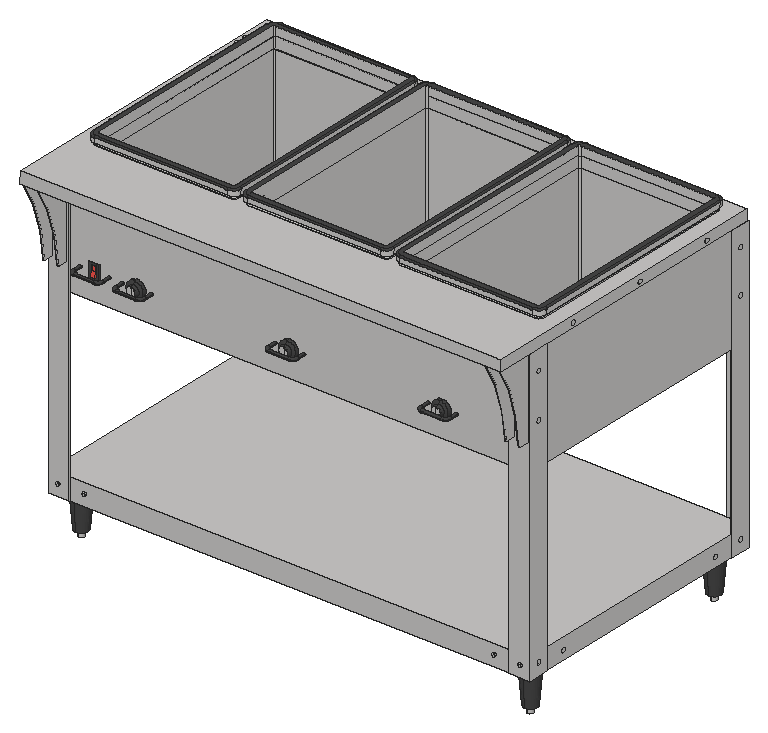
Revit family "QF_VOLLRATH_38203_SERVEWELL_SL_HOT_FOOD_TABLE", category Specialty Equipment, Revit 2022
Family settings
  Round Connector Dimension = Use Diameter
  Part Type = Normal
  Work Plane-Based = No
  Always vertical = Yes
  Cut with Voids When Loaded = No
  Maintain Annotation Orientation = No
  Shared = No
  Room Calculation Point = No
Parameters
  Weight in Pounds = 0
  Watts = 1440 W
  Volts = 120 V
  URL Cutsheet = ""
  Specification by User = ""
  Specification by Manufacturer = ""
  Serial Number = ""
  Seismic Rating = ""
  SMACNA No = ""
  Revision Code = ""
  Phase = 1
  Number of Poles = 1
  NAFEM Spec ID Number = ""
  Model = "38203"
  Min Ckt Ampacity = 0 A
  Max Overcurrent Protection = 0 A
  Masterspec = ""
  Manufacturer = "VOLLRATH"
  Length = 46"
  Item Number = ""
  Installed By = ""
  Identify Quantity as Lot = yes
  Height = 34"
  HP = ""
  Furnished By = ""
  Foodservice Equipment Identifier = yes
  FL Amps = 15 A
  Electrical Remarks = ""
  Electric Connection Type = ""
  Elec Conn RI Height = 0"
  Elec Conn Connection Height = 0"
  Description = "SERVEWELL SL HOT FOOD TABLE"
  Depth = 29 1/2"
  Default Elevation = 0"
  Cycle = 0 Hz
  Conn Plug = "NEMA 5-15P"
  Conn Conduit = yes
  CSI MasterFormat = ""
  Apparent Power = if(Phase = 3, Volts * FL Amps * 1.73, Volts * FL Amps)  # 1800 VA
Reference planes (in)
  plane 1 "BACK": y = 0
  plane 2: z = 0
  plane 3 "LEFT": x = 0
  plane 4 "RIGHT": x = 46
  plane 5 "FRONT": y = -29.5
  plane 6 "TOP": z = 34
  plane 7 "Center Y": x = 23
  plane 8 "Center X": y = -14.75
Dimensions and locks (in)
  equal spacing: plane 3 "LEFT", plane 7 "Center Y", plane 4 "RIGHT"
  "Length": plane 3 "LEFT" to plane 4 "RIGHT"
  equal spacing: plane 5 "FRONT", plane 8 "Center X", plane 1 "BACK"
  "Depth": plane 5 "FRONT" to plane 1 "BACK"
  "Height": plane 6 "TOP" to level
  nested 1 to level = 4"
  plane 4 "RIGHT" to plane 3 "LEFT" = 46"
  aligned and locked: level to plane 2
Nested families (in)
  nested 1: "QF_VOLLRATH_38203" at (0, 0, 0), type "QF_VOLLRATH_38203"
Connectors (in)
  electrical at (4.37729, -23.99392, 21.75393)
    settings: on nested 1, index 1, voltage 120 V, apparent load 0 VA, apparent load phase1 0 VA, apparent load phase2 0 VA, apparent load phase3 0 VA, power factor 1, load classification "Other", number of poles 1, system type 30, power factor state 1, is connector primary yes, connector utility no, sub classification motor no, connector description "ELECTRICAL CONNECTION"
Definition of nested family "QF_VOLLRATH_38203"
  Parameters (values of type "QF_VOLLRATH_38203")
    Weight in Pounds = 0
    Watts = 480 W
    Volts = 120 V
    URL Cutsheet = ""
    Specification by User = ""
    Specification by Manufacturer = ""
    Serial Number = ""
    Seismic Rating = ""
    SMACNA No = ""
    Revision Code = ""
    Phase = 0
    Number of Poles = 1
    NAFEM Spec ID Number = ""
    Model = "38203"
    Min Ckt Ampacity = 0 A
    Max Overcurrent Protection = 0 A
    Masterspec = ""
    Manufacturer = "VOLLRATH"
    Length = 46"
    Item Number = ""
    Installed By = ""
    Identify Quantity as Lot = yes
    Height = 34"
    HP = ""
    Furnished By = ""
    Foodservice Equipment Identifier = yes
    FL Amps = 15 A
    Electrical Remarks = ""
    Electric Connection Type = ""
    Elec Conn RI Height = 0"
    Elec Conn Connection Height = 0"
    Description = "SERVEWELL SL HOT FOOD TABLE"
    Depth = 29 1/2"
    Default Elevation = 0"
    Cycle = 0 Hz
    Conn Plug = "NEMA 5-15P"
    Conn Conduit = yes
    CSI MasterFormat = ""
    Apparent Power = if(Phase = 3, Volts * FL Amps * 1.73, Volts * FL Amps)  # 1800 VA
  Reference planes (in)
    plane 1 "BACK": y = 0
    plane 2: z = 0
    plane 3 "LEFT": x = 0
    plane 4 "RIGHT": x = 46
    plane 5 "FRONT": y = -29.5
    plane 6 "TOP": z = 34
    plane 7 "Center Y": x = 23
    plane 8 "Center X": y = -14.75
    plane 9: z = 4
    plane 10: y = -26
    plane 11: z = 6
    plane 12: x = 1.5
    plane 13: y = -18.1465
  Forms (in)
    Extrusion 1, solid
      sketch origin (-38.39759, -180, 34) x (-1, 0, 0) y (0, -1, 0)
        loop
          line (-38.39759, -180) -> (-38.39759, -150.5) -> (-84.39759, -150.5) -> (-84.39759, -180) -> (-38.39759, -180)
        loop
          arc (-40.4056, -178.50988) -> (-40.29511, -178.46411) -> (-40.24935, -178.35363) r 0.15625
          line (-40.24935, -178.35363) -> (-40.24935, -157.60363)
          arc (-40.24935, -157.60363) -> (-40.29511, -157.49314) -> (-40.4056, -157.44738) r 0.15625
          line (-40.4056, -157.44738) -> (-53.1556, -157.44738)
          arc (-53.1556, -157.44738) -> (-53.26608, -157.49314) -> (-53.31185, -157.60363) r 0.15625
          line (-53.31185, -157.60363) -> (-53.31185, -178.35363)
          arc (-53.31185, -178.35363) -> (-53.26608, -178.46411) -> (-53.1556, -178.50988) r 0.15625
          line (-53.1556, -178.50988) -> (-40.4056, -178.50988)
        loop
          line (-82.38959, -178.50988) -> (-69.63959, -178.50988)
          arc (-69.63959, -178.50988) -> (-69.5291, -178.46411) -> (-69.48334, -178.35363) r 0.15625
          line (-69.48334, -178.35363) -> (-69.48334, -157.60363)
          arc (-69.48334, -157.60363) -> (-69.5291, -157.49314) -> (-69.63959, -157.44738) r 0.15625
          line (-69.63959, -157.44738) -> (-82.38959, -157.44738)
          arc (-82.38959, -157.44738) -> (-82.50007, -157.49314) -> (-82.54584, -157.60363) r 0.15625
          line (-82.54584, -157.60363) -> (-82.54584, -178.35363)
          arc (-82.54584, -178.35363) -> (-82.50007, -178.46411) -> (-82.38959, -178.50988) r 0.15625
        loop
          line (-67.76459, -178.50988) -> (-55.01459, -178.50988)
          arc (-55.01459, -178.50988) -> (-54.9041, -178.46411) -> (-54.85834, -178.35363) r 0.15625
          line (-54.85834, -178.35363) -> (-54.85834, -157.60363)
          arc (-54.85834, -157.60363) -> (-54.9041, -157.49314) -> (-55.01459, -157.44738) r 0.15625
          line (-55.01459, -157.44738) -> (-67.76459, -157.44738)
          arc (-67.76459, -157.44738) -> (-67.87507, -157.49314) -> (-67.92084, -157.60363) r 0.15625
          line (-67.92084, -157.60363) -> (-67.92084, -178.35363)
          arc (-67.92084, -178.35363) -> (-67.87507, -178.46411) -> (-67.76459, -178.50988) r 0.15625
      from -0.90354 to -1.94773
    Extrusion 2, solid
      sketch origin (0, 0, 0) x (1, 0, 0) y (0, 1, 0)
        loop
          line (0, -26) -> (46, -26) -> (46, 0) -> (0, 0) -> (0, -26)
        loop
          arc (14.91425, -1.64637) -> (14.86849, -1.53589) -> (14.758, -1.49012) r 0.15625
          line (14.758, -1.49012) -> (2.008, -1.49012)
          arc (2.008, -1.49012) -> (1.89752, -1.53589) -> (1.85175, -1.64637) r 0.15625
          line (1.85175, -1.64637) -> (1.85175, -22.39637)
          arc (1.85175, -22.39637) -> (1.89752, -22.50686) -> (2.008, -22.55262) r 0.15625
          line (2.008, -22.55262) -> (14.758, -22.55262)
          arc (14.758, -22.55262) -> (14.86849, -22.50686) -> (14.91425, -22.39637) r 0.15625
          line (14.91425, -22.39637) -> (14.91425, -1.64637)
        loop
          arc (16.47675, -22.39637) -> (16.52252, -22.50686) -> (16.633, -22.55262) r 0.15625
          line (16.633, -22.55262) -> (29.383, -22.55262)
          arc (29.383, -22.55262) -> (29.49349, -22.50686) -> (29.53925, -22.39637) r 0.15625
          line (29.53925, -22.39637) -> (29.53925, -1.64637)
          arc (29.53925, -1.64637) -> (29.49349, -1.53589) -> (29.383, -1.49012) r 0.15625
          line (29.383, -1.49012) -> (16.633, -1.49012)
          arc (16.633, -1.49012) -> (16.52252, -1.53589) -> (16.47675, -1.64637) r 0.15625
          line (16.47675, -1.64637) -> (16.47675, -22.39637)
        loop
          arc (31.08575, -22.39637) -> (31.13151, -22.50686) -> (31.242, -22.55262) r 0.15625
          line (31.242, -22.55262) -> (43.992, -22.55262)
          arc (43.992, -22.55262) -> (44.10248, -22.50686) -> (44.14825, -22.39637) r 0.15625
          line (44.14825, -22.39637) -> (44.14825, -1.64637)
          arc (44.14825, -1.64637) -> (44.10248, -1.53589) -> (43.992, -1.49012) r 0.15625
          line (43.992, -1.49012) -> (31.242, -1.49012)
          arc (31.242, -1.49012) -> (31.13151, -1.53589) -> (31.08575, -1.64637) r 0.15625
          line (31.08575, -1.64637) -> (31.08575, -22.39637)
      from 21.87893 to 32.05227
    Extrusion 3, solid
      sketch origin (0, 0, 0) x (1, 0, 0) y (0, 1, 0)
        loop
          line (-0.0625, -26.0625) -> (1.9375, -26.0625) -> (1.9375, -26) -> (0, -26) -> (0, -24.0625) -> (-0.0625, -24.0625) -> (-0.0625, -26.0625)
        loop
          line (46.0625, -26.0625) -> (46.0625, -24.0625) -> (46, -24.0625) -> (46, -26) -> (44.0625, -26) -> (44.0625, -26.0625) -> (46.0625, -26.0625)
        loop
          line (-0.0625, 0.0625) -> (-0.0625, -1.9375) -> (0, -1.9375) -> (0, 0) -> (1.9375, 0) -> (1.9375, 0.0625) -> (-0.0625, 0.0625)
        loop
          line (46.0625, 0.0625) -> (44.0625, 0.0625) -> (44.0625, 0) -> (46, 0) -> (46, -1.9375) -> (46.0625, -1.9375) -> (46.0625, 0.0625)
      from 4 to 32.05227
    Extrusion 4, solid
      sketch origin (0, -180, 4) x (-1, 0, 0) y (0, -1, 0)
        loop
          line (0, -180) -> (0, -154) -> (-46, -154) -> (-46, -180) -> (0, -180)
      from 0 to 2
    Revolve 5, solid
      sketch origin (44.5, 0, 0) x (0, 1, 0) y (0, 0, -1)
        loop
          line (-24.0625, -4) -> (-24.0625, 0) -> (-24.34375, 0) -> (-24.34375, -0.5625) -> (-24.69114, -0.5625) -> (-24.99188, -4) -> (-24.0625, -4)
        axis (-24.0625, -4) -> (-24.0625, 0)
      angle from 0 to 360
    Sweep 6, solid
      path origin (0, 0, 0) x (1, 0, 0) y (0, 1, 0)
        loop
          arc (2.008, -1.14637) -> (1.65445, -1.29282) -> (1.508, -1.64637) r 0.5
          line (1.508, -1.64637) -> (1.508, -22.39637)
          arc (1.508, -22.39637) -> (1.65445, -22.74993) -> (2.008, -22.89637) r 0.5
          line (2.008, -22.89637) -> (14.758, -22.89637)
          arc (14.758, -22.89637) -> (15.11156, -22.74993) -> (15.258, -22.39637) r 0.5
          line (15.258, -22.39637) -> (15.258, -1.64637)
          arc (15.258, -1.64637) -> (15.11156, -1.29282) -> (14.758, -1.14637) r 0.5
          line (14.758, -1.14637) -> (2.008, -1.14637)
      profile origin (8.383, -1.14637, 0) x (0, 1, 0) y (0, 0, 1)
        loop
          arc (0.21875, 33.86984) -> (0.18063, 33.96188) -> (0.08859, 34) r 0.13016
          line (0.08859, 34) -> (-0.34375, 34) -> (-0.34375, 21.87893) -> (0, 21.87893) -> (0, 33.09646)
          arc (0, 33.09646) -> (-0.07256, 33.26176) -> (-0.03125, 33.4375) r 0.285
          line (-0.03125, 33.4375) -> (0.21875, 33.4375) -> (0.21875, 33.86984)
    Sweep 7, solid
      path origin (14.625, 0, 0) x (1, 0, 0) y (0, 1, 0)
        loop
          arc (2.008, -1.14637) -> (1.65445, -1.29282) -> (1.508, -1.64637) r 0.5
          line (1.508, -1.64637) -> (1.508, -22.39637)
          arc (1.508, -22.39637) -> (1.65445, -22.74993) -> (2.008, -22.89637) r 0.5
          line (2.008, -22.89637) -> (14.758, -22.89637)
          arc (14.758, -22.89637) -> (15.11156, -22.74993) -> (15.258, -22.39637) r 0.5
          line (15.258, -22.39637) -> (15.258, -1.64637)
          arc (15.258, -1.64637) -> (15.11156, -1.29282) -> (14.758, -1.14637) r 0.5
          line (14.758, -1.14637) -> (2.008, -1.14637)
      profile origin (23.008, -1.14637, 0) x (0, 1, 0) y (0, 0, 1)
        loop
          arc (0.21875, 33.86984) -> (0.18063, 33.96188) -> (0.08859, 34) r 0.13016
          line (0.08859, 34) -> (-0.34375, 34) -> (-0.34375, 21.87893) -> (0, 21.87893) -> (0, 33.09646)
          arc (0, 33.09646) -> (-0.07256, 33.26176) -> (-0.03125, 33.4375) r 0.285
          line (-0.03125, 33.4375) -> (0.21875, 33.4375) -> (0.21875, 33.86984)
    Sweep 8, solid
      path origin (46, 0, 0) x (-1, 0, 0) y (0, -1, 0)
        loop
          line (2.008, 1.14637) -> (14.758, 1.14637)
          arc (14.758, 1.14637) -> (15.11156, 1.29282) -> (15.258, 1.64637) r 0.5
          line (15.258, 1.64637) -> (15.258, 22.39637)
          arc (15.258, 22.39637) -> (15.11156, 22.74993) -> (14.758, 22.89637) r 0.5
          line (14.758, 22.89637) -> (2.008, 22.89637)
          arc (2.008, 22.89637) -> (1.65445, 22.74993) -> (1.508, 22.39637) r 0.5
          line (1.508, 22.39637) -> (1.508, 1.64637)
          arc (1.508, 1.64637) -> (1.65445, 1.29282) -> (2.008, 1.14637) r 0.5
      profile origin (37.617, -1.14637, 0) x (0, -1, 0) y (0, 0, 1)
        loop
          line (-0.21875, 33.86984) -> (-0.21875, 33.4375) -> (0.03125, 33.4375)
          arc (0.03125, 33.4375) -> (0.07256, 33.26176) -> (0, 33.09646) r 0.285
          line (0, 33.09646) -> (0, 21.87893) -> (0.34375, 21.87893) -> (0.34375, 34) -> (-0.08859, 34)
          arc (-0.08859, 34) -> (-0.18063, 33.96188) -> (-0.21875, 33.86984) r 0.13016
    Extrusion 9, solid
      sketch origin (0, 0, 0) x (0, 1, 0) y (0, 0, 1)
        loop
          arc (-29.38523, 32.05227) -> (-27.76168, 28.48926) -> (-27.05801, 24.63752) r 15.90135
          arc (-27.05801, 24.63752) -> (-26.98006, 24.47007) -> (-26.80842, 24.40183) r 0.25
          line (-26.80842, 24.40183) -> (-26.0625, 24.40183) -> (-26.0625, 32.05227) -> (-29.38523, 32.05227)
      from 0.19267 to 0.26943
    Extrusion 10, solid
      sketch origin (1.38301, 0, 0) x (0, 1, 0) y (0, 0, 1)
        loop
          arc (-29.38523, 32.05227) -> (-27.76168, 28.48926) -> (-27.05801, 24.63752) r 15.90135
          arc (-27.05801, 24.63752) -> (-26.98006, 24.47007) -> (-26.80842, 24.40183) r 0.25
          line (-26.80842, 24.40183) -> (-26.0625, 24.40183) -> (-26.0625, 32.05227) -> (-29.38523, 32.05227)
      from 0.12501 to 0.21028
    Extrusion 11, solid
      sketch origin (46, 0, 0) x (0, 1, 0) y (0, 0, -1)
        loop
          line (-29.38523, -32.05227) -> (-26.0625, -32.05227) -> (-26.0625, -24.40183) -> (-26.80842, -24.40183)
          arc (-26.80842, -24.40183) -> (-26.98006, -24.47007) -> (-27.05801, -24.63752) r 0.25
          arc (-27.05801, -24.63752) -> (-27.76168, -28.48926) -> (-29.38523, -32.05227) r 15.90135
      from 0.19267 to 0.26943
    Extrusion 12, solid
      sketch origin (44.61699, 0, 0) x (0, 1, 0) y (0, 0, -1)
        loop
          line (-29.38523, -32.05227) -> (-26.0625, -32.05227) -> (-26.0625, -24.40183) -> (-26.80842, -24.40183)
          arc (-26.80842, -24.40183) -> (-26.98006, -24.47007) -> (-27.05801, -24.63752) r 0.25
          arc (-27.05801, -24.63752) -> (-27.76168, -28.48926) -> (-29.38523, -32.05227) r 15.90135
      from 0.12501 to 0.21028
    Revolve 13, solid
      sketch origin (8.383, 0.0625, 0) x (0, 1, 0) y (0, 0, 1)
        loop
          line (-26.0625, 24.44451) -> (-26.0625, 25.25473) -> (-26.36725, 25.25473) -> (-26.50448, 24.94383) -> (-26.8125, 24.8613) -> (-26.8125, 24.44451) -> (-26.0625, 24.44451)
        axis (-26.8125, 24.44451) -> (-26.0625, 24.44451)
      angle from 0 to 360
    Sweep 14, solid
      path origin (0, 0, 0) x (1, 0, 0) y (0, 1, 0)
        loop
          line (7, -26) -> (7, -26.83521)
          arc (7, -26.83521) -> (7.12149, -27.12851) -> (7.41479, -27.25) r 0.41479
          line (7.41479, -27.25) -> (9.33594, -27.25)
          arc (9.33594, -27.25) -> (9.62872, -27.12872) -> (9.75, -26.83594) r 0.41406
          line (9.75, -26.83594) -> (9.75, -26)
      profile origin (8.37537, -27.25, 0) x (0, 1, 0) y (0, 0, 1)
        loop
          circle (0, 24.4375) r 0.125
    Revolve 15, solid
      sketch origin (23, 0.0625, 0) x (0, 1, 0) y (0, 0, 1)
        loop
          line (-26.0625, 24.44451) -> (-26.0625, 25.25473) -> (-26.36725, 25.25473) -> (-26.50448, 24.94383) -> (-26.8125, 24.8613) -> (-26.8125, 24.44451) -> (-26.0625, 24.44451)
        axis (-26.8125, 24.44451) -> (-26.0625, 24.44451)
      angle from 0 to 360
    Sweep 16, solid
      path origin (14.617, 0, 0) x (1, 0, 0) y (0, 1, 0)
        loop
          line (7, -26) -> (7, -26.83521)
          arc (7, -26.83521) -> (7.12149, -27.12851) -> (7.41479, -27.25) r 0.41479
          line (7.41479, -27.25) -> (9.33594, -27.25)
          arc (9.33594, -27.25) -> (9.62872, -27.12872) -> (9.75, -26.83594) r 0.41406
          line (9.75, -26.83594) -> (9.75, -26)
      profile origin (22.99236, -27.25, 0) x (0, 1, 0) y (0, 0, 1)
        loop
          circle (0, 24.4375) r 0.125
    Revolve 17, solid
      sketch origin (37.617, 0.0625, 0) x (0, 1, 0) y (0, 0, -1)
        loop
          line (-26.0625, -24.44451) -> (-26.8125, -24.44451) -> (-26.8125, -24.8613) -> (-26.50448, -24.94383) -> (-26.36725, -25.25473) -> (-26.0625, -25.25473) -> (-26.0625, -24.44451)
        axis (-26.8125, -24.44451) -> (-26.0625, -24.44451)
      angle from 0 to 360
    Sweep 18, solid
      path origin (46, 0, 0) x (-1, 0, 0) y (0, -1, 0)
        loop
          line (7, 26) -> (7, 26.83521)
          arc (7, 26.83521) -> (7.12149, 27.12851) -> (7.41479, 27.25) r 0.41479
          line (7.41479, 27.25) -> (9.33594, 27.25)
          arc (9.33594, 27.25) -> (9.62872, 27.12872) -> (9.75, 26.83594) r 0.41406
          line (9.75, 26.83594) -> (9.75, 26)
      profile origin (37.62463, -27.25, 0) x (0, -1, 0) y (0, 0, 1)
        loop
          circle (0, 24.4375) r 0.125
    Extrusion 19, solid
      sketch origin (0, -26, 0) x (1, 0, 0) y (0, 0, 1)
        loop
          line (3.81326, 25.25117) -> (3.81326, 23.75117) -> (4.81326, 23.75117) -> (4.81326, 25.25117) -> (3.81326, 25.25117)
        loop
          line (4.10495, 25.04634) -> (4.10495, 24.03072) -> (4.52019, 24.03072) -> (4.52019, 25.04634) -> (4.10495, 25.04634)
      from 0 to 0.0625
    Extrusion 20, solid
      sketch origin (4.10495, -26, 24.53072) x (0, 0, 1) y (0, -1, 0)
        loop
          line (0.51563, 0.0625) -> (0.51563, 0.12731) -> (0.05202, 0.12731) -> (-0.49994, 0.20488) -> (-0.49994, 0.0625) -> (0.51563, 0.0625)
      from 0 to 0.41524
    Sweep 21, solid
      path origin (-4.03125, 0, 0) x (1, 0, 0) y (0, 1, 0)
        loop
          line (7, -26) -> (7, -26.83521)
          arc (7, -26.83521) -> (7.12149, -27.12851) -> (7.41479, -27.25) r 0.41479
          line (7.41479, -27.25) -> (9.33594, -27.25)
          arc (9.33594, -27.25) -> (9.62872, -27.12872) -> (9.75, -26.83594) r 0.41406
          line (9.75, -26.83594) -> (9.75, -26)
      profile origin (4.34412, -27.25, 0) x (0, 1, 0) y (0, 0, 1)
        loop
          circle (0, 24.4375) r 0.125
    Extrusion 22, solid
      sketch origin (0, 0, 21.87893) x (0, 1, 0) y (1, 0, 0)
        loop
          circle (-19.65638, 8.32444) r 0.5
        loop
          line (-22.39637, 1.85175) -> (-1.64637, 1.85175)
          arc (-1.64637, 1.85175) -> (-1.53589, 1.89752) -> (-1.49012, 2.008) r 0.15625
          line (-1.49012, 2.008) -> (-1.49012, 14.758)
          arc (-1.49012, 14.758) -> (-1.53589, 14.86849) -> (-1.64637, 14.91425) r 0.15625
          line (-1.64637, 14.91425) -> (-22.39637, 14.91425)
          arc (-22.39637, 14.91425) -> (-22.50686, 14.86849) -> (-22.55262, 14.758) r 0.15625
          line (-22.55262, 14.758) -> (-22.55262, 2.008)
          arc (-22.55262, 2.008) -> (-22.50686, 1.89752) -> (-22.39637, 1.85175) r 0.15625
        loop
          circle (-19.65638, 37.67556) r 0.5
        loop
          arc (-22.39637, 44.14825) -> (-22.50686, 44.10248) -> (-22.55262, 43.992) r 0.15625
          line (-22.55262, 43.992) -> (-22.55262, 31.242)
          arc (-22.55262, 31.242) -> (-22.50686, 31.13151) -> (-22.39637, 31.08575) r 0.15625
          line (-22.39637, 31.08575) -> (-1.64637, 31.08575)
          arc (-1.64637, 31.08575) -> (-1.53589, 31.13151) -> (-1.49012, 31.242) r 0.15625
          line (-1.49012, 31.242) -> (-1.49012, 43.992)
          arc (-1.49012, 43.992) -> (-1.53589, 44.10248) -> (-1.64637, 44.14825) r 0.15625
          line (-1.64637, 44.14825) -> (-22.39637, 44.14825)
        loop
          circle (-19.65638, 23.05056) r 0.5
        loop
          arc (-22.39637, 29.52325) -> (-22.50686, 29.47748) -> (-22.55262, 29.367) r 0.15625
          line (-22.55262, 29.367) -> (-22.55262, 16.617)
          arc (-22.55262, 16.617) -> (-22.50686, 16.50651) -> (-22.39637, 16.46075) r 0.15625
          line (-22.39637, 16.46075) -> (-1.64637, 16.46075)
          arc (-1.64637, 16.46075) -> (-1.53589, 16.50651) -> (-1.49012, 16.617) r 0.15625
          line (-1.49012, 16.617) -> (-1.49012, 29.367)
          arc (-1.49012, 29.367) -> (-1.53589, 29.47748) -> (-1.64637, 29.52325) r 0.15625
          line (-1.64637, 29.52325) -> (-22.39637, 29.52325)
      from 0 to -0.48173
    Extrusion 23, solid
      sketch origin (-38.39759, -180, 33.09646) x (-1, 0, 0) y (0, -1, 0)
        loop
          circle (-38.90258, -176.94303) r 0.25
        loop
          circle (-38.90258, -175.89791) r 0.25
        loop
          circle (-38.93459, -172.90202) r 0.25
        loop
          circle (-38.96584, -160.74577) r 0.25
      from 0 to 0.0625
    Extrusion 24, solid
      sketch origin (0.1875, 0, 21.87893) x (0, 1, 0) y (1, 0, 0)
        loop
          circle (-23.99392, 4.18979) r 0.5
      from 0 to 0.125
    Extrusion 25, solid
      sketch origin (0, 0, 21.87893) x (0, 1, 0) y (1, 0, 0)
        loop
          circle (-19.65551, 8.32474) r 0.5
        loop
          circle (-19.65551, 37.67526) r 0.5
        loop
          circle (-19.65551, 23.05469) r 0.5
        loop
          circle (-19.65551, 8.32474) r 0.5625
        loop
          circle (-19.65551, 23.05469) r 0.5625
        loop
          circle (-19.65551, 37.67526) r 0.5625
      from 0 to 2
    Extrusion 26, solid
      sketch origin (0, 0, 0) x (1, 0, 0) y (0, 0, 1)
        loop
          arc (8.11974, 21.11331) -> (7.98829, 20.87122) -> (8.15928, 20.65522) r 0.25
          line (8.15928, 20.65522) -> (8.15928, 19.87893) -> (8.44974, 19.87893) -> (8.44974, 20.65323)
          arc (8.44974, 20.65323) -> (8.62739, 20.87543) -> (8.48208, 21.12001) r 0.25
          line (8.48208, 21.12001) -> (8.48208, 21.37213) -> (8.11974, 21.37213) -> (8.11974, 21.11331)
      from 20.74955 to 20.32975
    Extrusion 27, solid
      sketch origin (0, 0, 0) x (1, 0, 0) y (0, 0, 1)
        loop
          circle (8.30179, 20.88613) r 0.25
      from 20.15525 to 20.32975
    Extrusion 28, solid
      sketch origin (14.69909, 0, 0) x (1, 0, 0) y (0, 0, 1)
        loop
          arc (8.11974, 21.11331) -> (7.98829, 20.87122) -> (8.15928, 20.65522) r 0.25
          line (8.15928, 20.65522) -> (8.15928, 19.87893) -> (8.44974, 19.87893) -> (8.44974, 20.65323)
          arc (8.44974, 20.65323) -> (8.62739, 20.87543) -> (8.48208, 21.12001) r 0.25
          line (8.48208, 21.12001) -> (8.48208, 21.37213) -> (8.11974, 21.37213) -> (8.11974, 21.11331)
      from 20.74955 to 20.32975
    Extrusion 29, solid
      sketch origin (14.69909, 0, 0) x (1, 0, 0) y (0, 0, 1)
        loop
          circle (8.30179, 20.88613) r 0.25
      from 20.15525 to 20.32975
    Extrusion 30, solid
      sketch origin (29.38659, 0, 0) x (1, 0, 0) y (0, 0, 1)
        loop
          arc (8.11974, 21.11331) -> (7.98829, 20.87122) -> (8.15928, 20.65522) r 0.25
          line (8.15928, 20.65522) -> (8.15928, 19.87893) -> (8.44974, 19.87893) -> (8.44974, 20.65323)
          arc (8.44974, 20.65323) -> (8.62739, 20.87543) -> (8.48208, 21.12001) r 0.25
          line (8.48208, 21.12001) -> (8.48208, 21.37213) -> (8.11974, 21.37213) -> (8.11974, 21.11331)
      from 20.74955 to 20.32975
    Extrusion 31, solid
      sketch origin (29.38659, 0, 0) x (1, 0, 0) y (0, 0, 1)
        loop
          circle (8.30179, 20.88613) r 0.25
      from 20.15525 to 20.32975
    Extrusion 32, solid
      sketch origin (46, 0, 34) x (0, -1, 0) y (0, 0, -1)
        loop
          circle (25.09699, 3.76064) r 0.17669
        loop
          circle (25.09699, 8.01064) r 0.17669
        loop
          circle (25.09699, 28.76064) r 0.17669
        loop
          circle (22.10841, 29.02211) r 0.17669
        loop
          circle (3.92282, 29.02211) r 0.17669
        loop
          circle (0.93013, 28.81284) r 0.17669
        loop
          circle (0.93013, 7.8989) r 0.17669
        loop
          circle (0.93013, 3.74659) r 0.17669
        loop
          circle (20.96222, 1.42378) r 0.17669
        loop
          circle (12.96222, 1.42378) r 0.17669
        loop
          circle (4.96222, 1.42378) r 0.17669
      from 0 to 0.125
    Extrusion 33, solid
      sketch origin (0, 0, 34) x (0, -1, 0) y (0, 0, 1)
        loop
          circle (25.09699, -3.76064) r 0.17669
        loop
          circle (25.09699, -8.01064) r 0.17669
        loop
          circle (25.09699, -28.76064) r 0.17669
        loop
          circle (22.10841, -29.02211) r 0.17669
        loop
          circle (3.92282, -29.02211) r 0.17669
        loop
          circle (0.93013, -28.81284) r 0.17669
        loop
          circle (0.93013, -7.8989) r 0.17669
        loop
          circle (0.93013, -3.74659) r 0.17669
        loop
          circle (20.96222, -1.42378) r 0.17669
        loop
          circle (12.96222, -1.42378) r 0.17669
        loop
          circle (4.96222, -1.42378) r 0.17669
      from 0 to 0.125
    Extrusion 34, solid
      sketch origin (46.0625, -26.0625, 0) x (-1, 0, 0) y (0, 0, -1)
        loop
          circle (0.93848, -30.25949) r 0.14866
        loop
          circle (0.93848, -26.00949) r 0.14866
        loop
          circle (0.93848, -5.09351) r 0.14866
        loop
          circle (3.43848, -5.09351) r 0.14866
        loop
          circle (45.18652, -30.25949) r 0.14866
        loop
          circle (45.18652, -26.00949) r 0.14866
        loop
          circle (45.18652, -5.09351) r 0.14866
        loop
          circle (42.68652, -5.09351) r 0.14866
      from 0 to 0.0625
    Revolve 35, solid
      sketch origin (1.5, 0, 0) x (0, 1, 0) y (0, 0, 1)
        loop
          line (-24.0625, 4) -> (-24.99188, 4) -> (-24.69114, 0.5625) -> (-24.34375, 0.5625) -> (-24.34375, 0) -> (-24.0625, 0) -> (-24.0625, 4)
        axis (-24.0625, 4) -> (-24.0625, 0)
      angle from 0 to 360
    Revolve 36, solid
      sketch origin (1.5, -26.125, 0) x (0, -1, 0) y (0, 0, -1)
        loop
          line (-24.0625, -4) -> (-24.0625, 0) -> (-24.34375, 0) -> (-24.34375, -0.5625) -> (-24.69114, -0.5625) -> (-24.99188, -4) -> (-24.0625, -4)
        axis (-24.0625, -4) -> (-24.0625, 0)
      angle from 0 to 360
    Revolve 37, solid
      sketch origin (44.5, -26.125, 0) x (0, -1, 0) y (0, 0, 1)
        loop
          line (-24.0625, 4) -> (-24.99188, 4) -> (-24.69114, 0.5625) -> (-24.34375, 0.5625) -> (-24.34375, 0) -> (-24.0625, 0) -> (-24.0625, 4)
        axis (-24.0625, 4) -> (-24.0625, 0)
      angle from 0 to 360
    Blend 38, solid
      base sketch origin (0, 0, 0) x (1, 0, 0) y (0, 1, 0)
        loop
          line (40.06273, -18.1465) -> (40.06273, -23.02664) -> (44.56273, -23.02664) -> (44.56273, -18.1465) -> (40.06273, -18.1465)
      top sketch origin (0, 0, 0) x (1, 0, 0) y (0, 1, 0)
        loop
          line (40.56273, -22.52664) -> (44.06273, -22.52664) -> (44.06273, -18.6465) -> (40.56273, -18.6465) -> (40.56273, -22.52664)
      from 4 to 3.30089
    Blend 39, solid
      base sketch origin (46, 0, 0) x (-1, 0, 0) y (0, -1, 0)
        loop
          line (40.06273, 18.1465) -> (44.56273, 18.1465) -> (44.56273, 23.02664) -> (40.06273, 23.02664) -> (40.06273, 18.1465)
      top sketch origin (46, 0, 0) x (-1, 0, 0) y (0, -1, 0)
        loop
          line (40.56273, 22.52664) -> (40.56273, 18.6465) -> (44.06273, 18.6465) -> (44.06273, 22.52664) -> (40.56273, 22.52664)
      from 4 to 3.30089
    Blend 40, solid
      base sketch origin (0, -26.0164, 0) x (1, 0, 0) y (0, 1, 0)
        loop
          line (40.06273, 18.1465) -> (44.56273, 18.1465) -> (44.56273, 23.02664) -> (40.06273, 23.02664) -> (40.06273, 18.1465)
      top sketch origin (0, -26.0164, 0) x (1, 0, 0) y (0, 1, 0)
        loop
          line (40.56273, 22.52664) -> (40.56273, 18.6465) -> (44.06273, 18.6465) -> (44.06273, 22.52664) -> (40.56273, 22.52664)
      from 4 to 3.30089
    Blend 41, solid
      base sketch origin (46, -26.0164, 0) x (-1, 0, 0) y (0, -1, 0)
        loop
          line (40.06273, -18.1465) -> (40.06273, -23.02664) -> (44.56273, -23.02664) -> (44.56273, -18.1465) -> (40.06273, -18.1465)
      top sketch origin (46, -26.0164, 0) x (-1, 0, 0) y (0, -1, 0)
        loop
          line (40.56273, -22.52664) -> (44.06273, -22.52664) -> (44.06273, -18.6465) -> (40.56273, -18.6465) -> (40.56273, -22.52664)
      from 4 to 3.30089
  Cuts and joins
    joined: Extrusion 2, Extrusion 3, Extrusion 4
  Lines and regions (in)
    Split face 1
      outline origin (0, -26, 32.05227) x (0, 0, -1) y (1, 0, 0)
        loop
          line (6.04686, 9.36933) -> (6.48436, 9.36933) -> (6.48436, 10.36933) -> (6.04686, 10.36933) -> (6.04686, 9.36933)
    Split face 2
      outline origin (0, -26, 32.05227) x (0, 0, -1) y (1, 0, 0)
        loop
          circle (6.79224, 9.82181) r 0.16586
    Split face 3
      outline origin (0, -26, 32.05227) x (0, 0, -1) y (1, 0, 0)
        loop
          line (6.04686, 23.61933) -> (6.48436, 23.61933) -> (6.48436, 24.61933) -> (6.04686, 24.61933) -> (6.04686, 23.61933)
    Split face 4
      outline origin (0, -26, 32.05227) x (0, 0, -1) y (1, 0, 0)
        loop
          circle (6.79224, 24.10306) r 0.16586
    Split face 5
      outline origin (0, -26, 32.05227) x (0, 0, -1) y (1, 0, 0)
        loop
          line (6.04686, 38.36933) -> (6.48436, 38.36933) -> (6.48436, 39.36933) -> (6.04686, 39.36933) -> (6.04686, 38.36933)
    Split face 6
      outline origin (0, -26, 32.05227) x (0, 0, -1) y (1, 0, 0)
        loop
          circle (6.79224, 38.86868) r 0.16586
    Split face 7
      outline origin (0, -26, 32.05227) x (0, 0, -1) y (1, 0, 0)
        loop
          arc (6.95843, 13.99045) -> (6.98589, 13.92416) -> (7.05218, 13.8967) r 0.09375
          line (7.05218, 13.8967) -> (8.17718, 13.8967)
          arc (8.17718, 13.8967) -> (8.24347, 13.92416) -> (8.27093, 13.99045) r 0.09375
          line (8.27093, 13.99045) -> (8.27093, 17.92817)
          arc (8.27093, 17.92817) -> (8.24353, 17.99431) -> (8.1774, 18.0217) r 0.09353
          line (8.1774, 18.0217) -> (7.05218, 18.0217)
          arc (7.05218, 18.0217) -> (6.98589, 17.99424) -> (6.95843, 17.92795) r 0.09375
          line (6.95843, 17.92795) -> (6.95843, 13.99045)
    symbolic lines
      curve 1: line (0, 0, 0) -> (0, -29.5, 0)
      curve 2: line (0, -29.5, 0) -> (46, -29.5, 0)
      curve 3: line (46, -29.5, 0) -> (46, 0, 0)
      curve 4: line (46, 0, 0) -> (0, 0, 0)
      curve 5: line (14.758, -22.55262, 0) -> (2.008, -22.55262, 0)
      curve 6: arc (2.008, -22.55262, 0) -> (1.89752, -22.50686, 0) -> (1.85175, -22.39637, 0) r 0.15625
      curve 7: line (1.85175, -22.39637, 0) -> (1.85175, -1.64637, 0)
      curve 8: arc (1.85175, -1.64637, 0) -> (1.89752, -1.53589, 0) -> (2.008, -1.49012, 0) r 0.15625
      curve 9: line (2.008, -1.49012, 0) -> (14.758, -1.49012, 0)
      curve 10: arc (14.758, -1.49012, 0) -> (14.86849, -1.53589, 0) -> (14.91425, -1.64637, 0) r 0.15625
      curve 11: line (14.91425, -1.64637, 0) -> (14.91425, -22.39637, 0)
      curve 12: arc (14.91425, -22.39637, 0) -> (14.86849, -22.50686, 0) -> (14.758, -22.55262, 0) r 0.15625
      curve 13: line (14.758, -23.11512, 0) -> (2.008, -23.11512, 0)
      curve 14: arc (2.008, -23.11512, 0) -> (1.49977, -22.90461, 0) -> (1.28925, -22.39637, 0) r 0.71875
      curve 15: line (1.28925, -22.39637, 0) -> (1.28925, -1.64637, 0)
      curve 16: arc (1.28925, -1.64637, 0) -> (1.49977, -1.13814, 0) -> (2.008, -0.92762, 0) r 0.71875
      curve 17: line (2.008, -0.92762, 0) -> (14.758, -0.92762, 0)
      curve 18: arc (14.758, -0.92762, 0) -> (15.26624, -1.13814, 0) -> (15.47675, -1.64637, 0) r 0.71875
      curve 19: line (15.47675, -1.64637, 0) -> (15.47675, -22.39637, 0)
      curve 20: arc (15.47675, -22.39637, 0) -> (15.26624, -22.90461, 0) -> (14.758, -23.11512, 0) r 0.71875
      curve 21: arc (8.32444, -19.15638, 0) -> (8.82444, -19.65638, 0) -> (8.32444, -20.15638, 0) r 0.5
      curve 22: arc (8.32444, -20.15638, 0) -> (7.82444, -19.65638, 0) -> (8.32444, -19.15638, 0) r 0.5
      curve 23: line (29.383, -23.11512, 0) -> (16.633, -23.11512, 0)
      curve 24: arc (16.633, -23.11512, 0) -> (16.12477, -22.90461, 0) -> (15.91425, -22.39637, 0) r 0.71875
      curve 25: line (15.91425, -22.39637, 0) -> (15.91425, -1.64637, 0)
      curve 26: arc (15.91425, -1.64637, 0) -> (16.12477, -1.13814, 0) -> (16.633, -0.92762, 0) r 0.71875
      curve 27: line (16.633, -0.92762, 0) -> (29.383, -0.92762, 0)
      curve 28: arc (29.383, -0.92762, 0) -> (29.89124, -1.13814, 0) -> (30.10175, -1.64637, 0) r 0.71875
      curve 29: line (30.10175, -1.64637, 0) -> (30.10175, -22.39637, 0)
      curve 30: arc (30.10175, -22.39637, 0) -> (29.89124, -22.90461, 0) -> (29.383, -23.11512, 0) r 0.71875
      curve 31: line (16.47675, -22.39637, 0) -> (16.47675, -1.64637, 0)
      curve 32: arc (16.47675, -1.64637, 0) -> (16.52252, -1.53589, 0) -> (16.633, -1.49012, 0) r 0.15625
      curve 33: line (16.633, -1.49012, 0) -> (29.383, -1.49012, 0)
      curve 34: arc (29.383, -1.49012, 0) -> (29.49349, -1.53589, 0) -> (29.53925, -1.64637, 0) r 0.15625
      curve 35: line (29.53925, -1.64637, 0) -> (29.53925, -22.39637, 0)
      curve 36: arc (29.53925, -22.39637, 0) -> (29.49349, -22.50686, 0) -> (29.383, -22.55262, 0) r 0.15625
      curve 37: line (29.383, -22.55262, 0) -> (16.633, -22.55262, 0)
      curve 38: arc (16.633, -22.55262, 0) -> (16.52252, -22.50686, 0) -> (16.47675, -22.39637, 0) r 0.15625
      curve 39: arc (23.05056, -20.15638, 0) -> (22.55056, -19.65638, 0) -> (23.05056, -19.15638, 0) r 0.5
      curve 40: arc (23.05056, -19.15638, 0) -> (23.55056, -19.65638, 0) -> (23.05056, -20.15638, 0) r 0.5
      curve 41: arc (37.67556, -20.15638, 0) -> (37.17556, -19.65638, 0) -> (37.67556, -19.15638, 0) r 0.5
      curve 42: arc (37.67556, -19.15638, 0) -> (38.17556, -19.65638, 0) -> (37.67556, -20.15638, 0) r 0.5
      curve 43: line (43.992, -22.55262, 0) -> (31.242, -22.55262, 0)
      curve 44: arc (31.242, -22.55262, 0) -> (31.13151, -22.50686, 0) -> (31.08575, -22.39637, 0) r 0.15625
      curve 45: line (31.08575, -22.39637, 0) -> (31.08575, -1.64637, 0)
      curve 46: arc (31.08575, -1.64637, 0) -> (31.13151, -1.53589, 0) -> (31.242, -1.49012, 0) r 0.15625
      curve 47: line (31.242, -1.49012, 0) -> (43.992, -1.49012, 0)
      curve 48: arc (43.992, -1.49012, 0) -> (44.10248, -1.53589, 0) -> (44.14825, -1.64637, 0) r 0.15625
      curve 49: line (44.14825, -1.64637, 0) -> (44.14825, -22.39637, 0)
      curve 50: arc (44.14825, -22.39637, 0) -> (44.10248, -22.50686, 0) -> (43.992, -22.55262, 0) r 0.15625
      curve 51: line (43.992, -23.11512, 0) -> (31.242, -23.11512, 0)
      curve 52: arc (31.242, -23.11512, 0) -> (30.73376, -22.90461, 0) -> (30.52325, -22.39637, 0) r 0.71875
      curve 53: line (30.52325, -22.39637, 0) -> (30.52325, -1.64637, 0)
      curve 54: arc (30.52325, -1.64637, 0) -> (30.73376, -1.13814, 0) -> (31.242, -0.92762, 0) r 0.71875
      curve 55: line (31.242, -0.92762, 0) -> (43.992, -0.92762, 0)
      curve 56: arc (43.992, -0.92762, 0) -> (44.50023, -1.13814, 0) -> (44.71075, -1.64637, 0) r 0.71875
      curve 57: line (44.71075, -1.64637, 0) -> (44.71075, -22.39637, 0)
      curve 58: arc (44.71075, -22.39637, 0) -> (44.50023, -22.90461, 0) -> (43.992, -23.11512, 0) r 0.71875
      curve 59: arc (0.81824, -19.25423, 0) -> (0.56824, -19.00423, 0) -> (0.31824, -19.25423, 0) r 0.25
      curve 60: arc (0.31824, -19.25423, 0) -> (0.56824, -19.50423, 0) -> (0.81824, -19.25423, 0) r 0.25
      curve 61: arc (0.78699, -7.09798, 0) -> (0.53699, -6.84798, 0) -> (0.28699, -7.09798, 0) r 0.25
      curve 62: arc (0.28699, -7.09798, 0) -> (0.53699, -7.34798, 0) -> (0.78699, -7.09798, 0) r 0.25
      curve 63: arc (0.75498, -4.10209, 0) -> (0.50498, -3.85209, 0) -> (0.25498, -4.10209, 0) r 0.25
      curve 64: arc (0.25498, -4.10209, 0) -> (0.50498, -4.35209, 0) -> (0.75498, -4.10209, 0) r 0.25
      curve 65: arc (0.25498, -3.05697, 0) -> (0.50498, -3.30697, 0) -> (0.75498, -3.05697, 0) r 0.25
      curve 66: arc (0.75498, -3.05697, 0) -> (0.50498, -2.80697, 0) -> (0.25498, -3.05697, 0) r 0.25
  Dimensions and locks (in)
    equal spacing: plane 3 "LEFT", plane 7 "Center Y", plane 4 "RIGHT"
    "Length": plane 3 "LEFT" to plane 4 "RIGHT"
    equal spacing: plane 5 "FRONT", plane 8 "Center X", plane 1 "BACK"
    "Depth": plane 5 "FRONT" to plane 1 "BACK"
    "Height": plane 6 "TOP" to level
    plane 9 to level = 4"
    plane 5 "FRONT" to plane 1 "BACK" = 29 1/2"
    plane 10 to plane 1 "BACK" = 26"
    plane 11 to plane 9 = 2"
    plane 12 to plane 3 "LEFT" = 1 1/2"
    aligned and locked: level to plane 2
  Automatic sketch dimensions
    curve 6 to curve 14 = 0"  (x2)
    curve 8 to curve 16 = 0"  (x2)
    curve 10 to curve 18 = 0"  (x2)
    curve 12 to curve 20 = 0"  (x2)
    curve 21 to curve 22 = 0"  (x2)
    curve 24 to curve 38 = 0"  (x2)
    curve 26 to curve 32 = 0"  (x2)
    curve 28 to curve 34 = 0"  (x2)
    curve 30 to curve 36 = 0"  (x2)
    curve 39 to curve 40 = 0"  (x2)
    curve 41 to curve 42 = 0"  (x2)
    curve 44 to curve 52 = 0"  (x2)
    curve 46 to curve 54 = 0"  (x2)
    curve 48 to curve 56 = 0"  (x2)
    curve 50 to curve 58 = 0"  (x2)
    curve 59 to curve 60 = 0"  (x2)
    curve 61 to curve 62 = 0"  (x2)
    curve 63 to curve 64 = 0"  (x2)
    curve 65 to curve 66 = 0"  (x2)
    curve 1 to plane 3 "LEFT" = 0"
    plane 1 "BACK" to curve 3 = 0"
    curve 3 to plane 4 "RIGHT" = 0"
    plane 5 "FRONT" to curve 1 = 0"
    plane 3 "LEFT" to curve 64 = 0.50498"
    plane 3 "LEFT" to curve 66 = 0.50498"
    plane 3 "LEFT" to curve 61 = 0.53699"
    plane 3 "LEFT" to curve 59 = 0.56824"
    curve 15 to plane 12 = 0.21075"
    plane 12 to curve 7 = 0.35175"
    curve 7 to curve 16 = 5/32"
    curve 7 to curve 14 = 5/32"
    plane 13 to curve 22 = 1.50988"
    plane 12 to curve 22 = 6.82444"
    plane 1 "BACK" to curve 9 = 1.49012"
    curve 9 to plane 7 "Center Y" = 8.242"
    plane 10 to curve 5 = 3.44738"
    curve 21 to curve 5 = 6.43356"
    curve 10 to curve 11 = 5/32"
    curve 18 to curve 25 = 7/16"
    curve 25 to curve 31 = 9/16"
    curve 31 to curve 27 = 5/32"
    curve 31 to curve 23 = 5/32"
    plane 7 "Center Y" to curve 39 = 0.05056"
    plane 7 "Center Y" to curve 37 = 6.383"
    plane 1 "BACK" to curve 34 = 1.64637"
    plane 7 "Center Y" to curve 34 = 6.383"
    curve 30 to curve 35 = 5/32"
    curve 29 to curve 53 = 0.42149"
    curve 52 to curve 45 = 9/16"
    curve 45 to curve 52 = 5/32"
    curve 46 to curve 46 = 5/32"
    plane 13 to curve 41 = 1.50988"
    curve 52 to curve 41 = 6.43356"
    plane 4 "RIGHT" to curve 47 = 2.008"
    plane 4 "RIGHT" to curve 43 = 2.008"
    curve 50 to curve 49 = 5/32"
    plane 10 to curve 51 = 2.88488"
    curve 23 to curve 19 = 23/32"
    plane 13 to curve 40 = 1.50988"
    plane 13 to curve 60 = 1.10773"
    curve 62 to curve 16 = 5.45161"
    curve 64 to curve 16 = 2.45572"
    curve 63 to curve 65 = 1.04512"
    curve 28 to curve 45 = 0"
    curve 63 to curve 63 = 1/4"
    curve 66 to curve 65 = 1/4"
    curve 61 to curve 61 = 1/4"
    curve 60 to curve 59 = 1/4"
    curve 22 to curve 21 = 1/2"
    curve 40 to curve 39 = 1/2"
    curve 41 to curve 41 = 1/2"
    plane 1 "BACK" to Extrusion 1 sketch curve = 0"
    Extrusion 1 sketch curve to plane 4 "RIGHT" = 0"
    Extrusion 1 sketch curve to plane 3 "LEFT" = 0"
    plane 5 "FRONT" to Extrusion 1 sketch curve = 0"
    plane 4 "RIGHT" to Extrusion 1 sketch curve = 1.85175"
    Extrusion 1 sketch curve to Extrusion 1 sketch curve = 5/32"  (x9)
    plane 10 to Extrusion 1 sketch curve = 3.44738"
    plane 7 "Center Y" to Extrusion 1 sketch curve = 8.242"  (x2)
    plane 1 "BACK" to Extrusion 1 sketch curve = 1.49012"  (x2)
    Extrusion 1 sketch curve to Extrusion 1 sketch curve = 1 9/16"
    Extrusion 1 sketch curve to plane 7 "Center Y" = 6.383"  (x2)
    plane 1 "BACK" to Extrusion 1 sketch curve = 1.64637"
    Extrusion 1 sketch curve to Extrusion 1 sketch curve = 1.54649"
    plane 12 to Extrusion 1 sketch curve = 0.508"  (x2)
    plane 10 to Extrusion 1 sketch curve = 3.60363"
    Extrusion 1 sketch curve to Extrusion 1 sketch curve = 0"
    Extrusion 2 sketch curve to plane 3 "LEFT" = 0"
    plane 1 "BACK" to Extrusion 2 sketch curve = 0"
    Extrusion 2 sketch curve to plane 4 "RIGHT" = 0"
    Extrusion 2 sketch curve to plane 10 = 0"
    plane 12 to Extrusion 2 sketch curve = 0.35175"
    Extrusion 2 sketch curve to Extrusion 2 sketch curve = 5/32"  (x10)
    plane 10 to Extrusion 2 sketch curve = 3.44738"  (x2)
    Extrusion 2 sketch curve to plane 7 "Center Y" = 8.242"  (x2)
    plane 1 "BACK" to Extrusion 2 sketch curve = 1.49012"  (x2)
    Extrusion 2 sketch curve to Extrusion 2 sketch curve = 1 9/16"
    plane 7 "Center Y" to Extrusion 2 sketch curve = 6.383"  (x2)
    Extrusion 2 sketch curve to Extrusion 2 sketch curve = 1.54649"
    plane 4 "RIGHT" to Extrusion 2 sketch curve = 2.008"  (x2)
    plane 1 "BACK" to Extrusion 2 sketch curve = 1.64637"
    plane 1 "BACK" to Extrusion 3 sketch curve = 0"  (x2)
    Extrusion 3 sketch curve to plane 3 "LEFT" = 0"  (x2)
    Extrusion 3 sketch curve to plane 10 = 0"  (x2)
    Extrusion 3 sketch curve to plane 4 "RIGHT" = 0"  (x2)
    Extrusion 3 sketch curve to Extrusion 3 sketch curve = 1/16"  (x2)
    Extrusion 3 sketch curve to plane 3 "LEFT" = 1/16"
    plane 12 to Extrusion 3 sketch curve = 7/16"  (x2)
    Extrusion 3 sketch curve to plane 10 = 1/16"  (x2)
    plane 4 "RIGHT" to Extrusion 3 sketch curve = 1 15/16"
    Extrusion 3 sketch curve to Extrusion 3 sketch curve = 1 15/16"  (x4)
    Extrusion 3 sketch curve to plane 4 "RIGHT" = 1/16"  (x2)
    plane 1 "BACK" to Extrusion 3 sketch curve = 1 15/16"
    Extrusion 3 sketch curve to plane 1 "BACK" = 1/16"
    plane 1 "BACK" to Extrusion 4 sketch curve = 0"
    Extrusion 4 sketch curve to plane 4 "RIGHT" = 0"
    Extrusion 4 sketch curve to plane 3 "LEFT" = 0"
    Extrusion 4 sketch curve to plane 10 = 0"
    Revolve 5 sketch curve to plane 9 = 0"
    Revolve 5 sketch curve to level = 0"
    plane 10 to Revolve 5 sketch curve = 1.00812"
    level to Revolve 5 sketch curve = 9/16"
    plane 10 to Revolve 5 sketch curve = 1.30886"
    Revolve 5 sketch curve to Revolve 5 sketch curve = 0.34739"
    Revolve 5 sketch curve to Revolve 5 sketch curve = 9/32"  (x2)
    Revolve 5 sketch curve to Revolve 5 sketch curve = 1/16"
    Revolve 5 sketch curve to Revolve 5 sketch curve = 1/4"
    plane 12 to Sweep 6 sketch curve = 0.008"
    plane 12 to Sweep 6 sketch curve = 0.508"  (x2)
    plane 10 to Sweep 6 sketch curve = 3.10363"
    Sweep 6 sketch curve to plane 7 "Center Y" = 8.242"  (x2)
    plane 1 "BACK" to Sweep 6 sketch curve = 1.14637"
    Sweep 6 sketch curve to Sweep 6 sketch curve = 1/2"
    Sweep 6 sketch curve to profile plane = 0"
    profile plane to Sweep 6 sketch curve = 1/32"
    Sweep 6 sketch curve to Sweep 6 sketch curve = 11/32"
    Sweep 6 sketch curve to profile plane = 0.08859"
    Sweep 6 sketch curve to profile plane = 0.21124"
    Sweep 6 sketch curve to Sweep 6 sketch curve = 0.00751"
    level to Sweep 6 sketch curve = 21 225/256"
    Sweep 6 sketch curve to Sweep 6 sketch curve = 11.21753"
    Sweep 6 sketch curve to Sweep 6 sketch curve = 0.19131"
    Sweep 6 sketch curve to Sweep 6 sketch curve = 0.43234"
    plane 10 to Sweep 7 sketch curve = 3.60363"
    Sweep 7 sketch curve to plane 7 "Center Y" = 6.867"
    Sweep 7 sketch curve to Sweep 7 sketch curve = 1/2"  (x3)
    plane 7 "Center Y" to Sweep 7 sketch curve = 6.383"  (x2)
    plane 1 "BACK" to Sweep 7 sketch curve = 1.14637"
    Sweep 7 sketch curve to profile plane = 0"
    profile plane to Sweep 7 sketch curve = 1/32"
    Sweep 7 sketch curve to Sweep 7 sketch curve = 11/32"
    Sweep 7 sketch curve to profile plane = 0.08859"
    Sweep 7 sketch curve to profile plane = 0.21124"
    Sweep 7 sketch curve to Sweep 7 sketch curve = 0.00751"
    level to Sweep 7 sketch curve = 21 225/256"
    Sweep 7 sketch curve to Sweep 7 sketch curve = 11.21753"
    Sweep 7 sketch curve to Sweep 7 sketch curve = 0.19131"
    Sweep 7 sketch curve to Sweep 7 sketch curve = 0.43234"
    plane 4 "RIGHT" to Sweep 8 sketch curve = 1.508"
    Sweep 8 sketch curve to Sweep 8 sketch curve = 1/2"  (x3)
    plane 10 to Sweep 8 sketch curve = 3.10363"
    plane 7 "Center Y" to Sweep 8 sketch curve = 8.242"  (x2)
    plane 1 "BACK" to Sweep 8 sketch curve = 1.14637"
    Sweep 8 sketch curve to profile plane = 0"
    profile plane to Sweep 8 sketch curve = 0.08859"
    profile plane to Sweep 8 sketch curve = 0.21124"
    Sweep 8 sketch curve to Sweep 8 sketch curve = 0.00751"
    Sweep 8 sketch curve to profile plane = 1/32"
    Sweep 8 sketch curve to profile plane = 11/32"
    level to Sweep 8 sketch curve = 21 225/256"
    Sweep 8 sketch curve to Sweep 8 sketch curve = 11.21753"
    Sweep 8 sketch curve to Sweep 8 sketch curve = 0.19131"
    Sweep 8 sketch curve to Sweep 8 sketch curve = 0.43234"
    plane 5 "FRONT" to Extrusion 9 sketch curve = 13.4333"
    Extrusion 9 sketch curve to plane 5 "FRONT" = 0.11477"
    Extrusion 9 sketch curve to plane 10 = 0.80842"
    Extrusion 9 sketch curve to plane 10 = 1/16"
    Extrusion 9 sketch curve to plane 6 "TOP" = 10.27256"
    Extrusion 9 sketch curve to plane 6 "TOP" = 9.59817"
    Extrusion 9 sketch curve to Extrusion 9 sketch curve = 1/4"
    Extrusion 9 sketch curve to plane 6 "TOP" = 1.94773"
    plane 5 "FRONT" to Extrusion 10 sketch curve = 13.4333"
    Extrusion 10 sketch curve to plane 5 "FRONT" = 0.11477"
    Extrusion 10 sketch curve to plane 10 = 0.80842"
    Extrusion 10 sketch curve to plane 10 = 1/16"
    Extrusion 10 sketch curve to plane 6 "TOP" = 10.27256"
    Extrusion 10 sketch curve to plane 6 "TOP" = 9.59817"
    Extrusion 10 sketch curve to Extrusion 10 sketch curve = 1/4"
    Extrusion 10 sketch curve to plane 6 "TOP" = 1.94773"
    plane 5 "FRONT" to Extrusion 11 sketch curve = 13.4333"
    Extrusion 11 sketch curve to plane 5 "FRONT" = 0.11477"
    Extrusion 11 sketch curve to plane 10 = 0.80842"
    Extrusion 11 sketch curve to plane 10 = 1/16"
    Extrusion 11 sketch curve to plane 6 "TOP" = 1.94773"
    Extrusion 11 sketch curve to Extrusion 11 sketch curve = 7.40044"
    Extrusion 11 sketch curve to Extrusion 11 sketch curve = 1/4"
    Extrusion 11 sketch curve to plane 6 "TOP" = 10.27256"
    plane 5 "FRONT" to Extrusion 12 sketch curve = 13.4333"
    Extrusion 12 sketch curve to plane 5 "FRONT" = 0.11477"
    Extrusion 12 sketch curve to plane 10 = 0.80842"
    Extrusion 12 sketch curve to plane 10 = 1/16"
    Extrusion 12 sketch curve to plane 6 "TOP" = 1.94773"
    Extrusion 12 sketch curve to Extrusion 12 sketch curve = 7.40044"
    Extrusion 12 sketch curve to Extrusion 12 sketch curve = 1/4"
    Extrusion 12 sketch curve to plane 6 "TOP" = 10.27256"
    Revolve 13 sketch curve to plane 10 = 0"
    Revolve 13 sketch curve to plane 10 = 0.30475"
    Revolve 13 sketch curve to Revolve 13 sketch curve = 0.13723"
    Revolve 13 sketch curve to Revolve 13 sketch curve = 0.30802"
    Revolve 13 sketch curve to plane 6 "TOP" = 9.55549"
    Revolve 13 sketch curve to Revolve 13 sketch curve = 0.41678"
    Revolve 13 sketch curve to Revolve 13 sketch curve = 0.08253"
    Revolve 13 sketch curve to Revolve 13 sketch curve = 0.3109"
    Revolve 13 sketch curve to plane 10 = 0.12717"
    Revolve 13 sketch curve to Revolve 13 sketch curve = 1/16"
    Revolve 13 sketch curve to Revolve 13 sketch curve = 0"
    Sweep 14 sketch curve to plane 10 = 0"  (x2)
    Sweep 14 sketch curve to plane 10 = 0.83521"
    plane 12 to Sweep 14 sketch curve = 5 1/2"
    Sweep 14 sketch curve to Sweep 14 sketch curve = 0.41479"
    Sweep 14 sketch curve to plane 10 = 107/128"
    Sweep 14 sketch curve to Sweep 14 sketch curve = 1.92114"
    Sweep 14 sketch curve to profile plane = 0"
    level to Sweep 14 sketch curve = 24 7/16"
    Revolve 15 sketch curve to plane 10 = 0"
    Revolve 15 sketch curve to plane 10 = 0.30475"
    Revolve 15 sketch curve to Revolve 15 sketch curve = 0.13723"
    Revolve 15 sketch curve to Revolve 15 sketch curve = 0.30802"
    Revolve 15 sketch curve to plane 6 "TOP" = 9.55549"
    Revolve 15 sketch curve to Revolve 15 sketch curve = 0.41678"
    Revolve 15 sketch curve to Revolve 15 sketch curve = 0.08253"
    Revolve 15 sketch curve to Revolve 15 sketch curve = 0.3109"
    Revolve 15 sketch curve to plane 10 = 0.12717"
    Revolve 15 sketch curve to Revolve 15 sketch curve = 1/16"
    Revolve 15 sketch curve to Revolve 15 sketch curve = 0"
    Sweep 16 sketch curve to plane 10 = 0"  (x2)
    Sweep 16 sketch curve to plane 10 = 0.83521"
    Sweep 16 sketch curve to plane 7 "Center Y" = 1.383"
    Sweep 16 sketch curve to Sweep 16 sketch curve = 0.41479"
    plane 7 "Center Y" to Sweep 16 sketch curve = 0.95293"
    Sweep 16 sketch curve to Sweep 16 sketch curve = 53/128"
    Sweep 16 sketch curve to profile plane = 0"
    level to Sweep 16 sketch curve = 24 7/16"
    Revolve 17 sketch curve to plane 10 = 0"
    Revolve 17 sketch curve to plane 10 = 0.30475"
    Revolve 17 sketch curve to Revolve 17 sketch curve = 0.13723"
    Revolve 17 sketch curve to Revolve 17 sketch curve = 0.30802"
    Revolve 17 sketch curve to plane 6 "TOP" = 8.74527"
    Revolve 17 sketch curve to Revolve 17 sketch curve = 0.3109"
    Revolve 17 sketch curve to Revolve 17 sketch curve = 0.08253"
    Revolve 17 sketch curve to Revolve 17 sketch curve = 0.41678"
    Revolve 17 sketch curve to plane 10 = 0.12717"
    Revolve 17 sketch curve to Revolve 17 sketch curve = 1/16"
    Revolve 17 sketch curve to Revolve 17 sketch curve = 0"
    Sweep 18 sketch curve to plane 10 = 0"  (x2)
    Sweep 18 sketch curve to plane 10 = 0.83521"
    plane 4 "RIGHT" to Sweep 18 sketch curve = 7"
    Sweep 18 sketch curve to Sweep 18 sketch curve = 0.41479"
    Sweep 18 sketch curve to plane 10 = 107/128"
    Sweep 18 sketch curve to Sweep 18 sketch curve = 1.92114"
    Sweep 18 sketch curve to profile plane = 0"
    level to Sweep 18 sketch curve = 24 7/16"
    Extrusion 2 to Extrusion 19 sketch curve = 1.87224"
    Extrusion 2 to Extrusion 19 sketch curve = 3.81326"
    Extrusion 19 sketch curve to Extrusion 19 sketch curve = 0.29169"
    Extrusion 19 sketch curve to Extrusion 19 sketch curve = 0.41524"
    Extrusion 19 sketch curve to Extrusion 19 sketch curve = 0.29307"
    Extrusion 19 sketch curve to Extrusion 19 sketch curve = 0.27955"
    Extrusion 19 sketch curve to Extrusion 19 sketch curve = 1 1/64"
    Extrusion 19 sketch curve to Extrusion 19 sketch curve = 0.20483"
    Extrusion 20 sketch curve to Extrusion 19 = 0"  (x2)
    Extrusion 20 sketch curve to Extrusion 19 = 0.06481"
    Extrusion 20 sketch curve to Extrusion 19 = 0.46361"
    Extrusion 19 to Extrusion 20 sketch curve = 0.00006"
    Extrusion 20 sketch curve to Extrusion 19 = 0.14238"
    Sweep 21 sketch curve to plane 10 = 0"  (x2)
    Sweep 21 sketch curve to plane 10 = 0.83521"
    plane 12 to Sweep 21 sketch curve = 1 15/32"
    Sweep 21 sketch curve to Sweep 21 sketch curve = 0.41479"
    Sweep 21 sketch curve to plane 10 = 107/128"
    Sweep 21 sketch curve to Sweep 21 sketch curve = 1.92114"
    Sweep 21 sketch curve to profile plane = 0"
    level to Sweep 21 sketch curve = 24 7/16"
    Split face 1 sketch curve to cut or joined group of Extrusion 2, Extrusion 3, Extrusion 4 = 4.12648"
    Split face 1 sketch curve to Split face 1 sketch curve = 7/16"
    cut or joined group of Extrusion 2, Extrusion 3, Extrusion 4 to Split face 1 sketch curve = 7.43183"
    Split face 1 sketch curve to Split face 1 sketch curve = 1"
    Split face 2 sketch curve to cut or joined group of Extrusion 2, Extrusion 3, Extrusion 4 = 3.3811"
    cut or joined group of Extrusion 2, Extrusion 3, Extrusion 4 to Split face 2 sketch curve = 7.88431"
    Split face 3 sketch curve to cut or joined group of Extrusion 2, Extrusion 3, Extrusion 4 = 4.12648"
    Split face 3 sketch curve to Split face 3 sketch curve = 7/16"
    cut or joined group of Extrusion 2, Extrusion 3, Extrusion 4 to Split face 3 sketch curve = 20.44317"
    Split face 3 sketch curve to Split face 3 sketch curve = 1"
    Split face 4 sketch curve to Split face 4 sketch curve = 0"  (x2)
    Split face 4 sketch curve to cut or joined group of Extrusion 2, Extrusion 3, Extrusion 4 = 3.3811"
    cut or joined group of Extrusion 2, Extrusion 3, Extrusion 4 to Split face 4 sketch curve = 19.95944"
    Split face 4 sketch curve to Split face 4 sketch curve = 0.16586"
    Split face 5 sketch curve to cut or joined group of Extrusion 2, Extrusion 3, Extrusion 4 = 4.12648"
    Split face 5 sketch curve to Split face 5 sketch curve = 7/16"
    cut or joined group of Extrusion 2, Extrusion 3, Extrusion 4 to Split face 5 sketch curve = 5.69317"
    Split face 5 sketch curve to Split face 5 sketch curve = 1"
    Split face 6 sketch curve to Split face 6 sketch curve = 0"  (x2)
    Split face 6 sketch curve to cut or joined group of Extrusion 2, Extrusion 3, Extrusion 4 = 3.3811"
    cut or joined group of Extrusion 2, Extrusion 3, Extrusion 4 to Split face 6 sketch curve = 5.19382"
    Split face 6 sketch curve to Split face 6 sketch curve = 0.16586"
    Split face 7 sketch curve to cut or joined group of Extrusion 2, Extrusion 3, Extrusion 4 = 3.21492"
    Split face 7 sketch curve to Split face 7 sketch curve = 3/32"  (x2)
    Split face 7 sketch curve to Split face 7 sketch curve = 1 1/8"
    Split face 7 sketch curve to Split face 7 sketch curve = 1.12522"
    Split face 7 sketch curve to Split face 7 sketch curve = 0.09353"
    cut or joined group of Extrusion 2, Extrusion 3, Extrusion 4 to Split face 7 sketch curve = 11.9592"
    Split face 7 sketch curve to Split face 7 sketch curve = 3 15/16"
    Extrusion 2 to Extrusion 22 sketch curve = 0"  (x2)
    Extrusion 22 sketch curve to Extrusion 2 = 0.01601"
    Extrusion 22 sketch curve to Extrusion 2 = 5/32"  (x7)
    Extrusion 2 to Extrusion 22 sketch curve = 0.01601"
    Extrusion 22 sketch curve to Extrusion 2 = 2.89624"  (x3)
    Extrusion 22 sketch curve to Extrusion 22 sketch curve = 5/32"
    Extrusion 22 sketch curve to Extrusion 2 = 6.47269"  (x2)
    Extrusion 22 sketch curve to Extrusion 2 = 6.4887"
    Extrusion 23 sketch curve to Extrusion 1 = 0.56824"
    Extrusion 23 sketch curve to Extrusion 1 = 0.53699"
    Extrusion 23 sketch curve to Extrusion 1 = 0.50498"  (x2)
    Extrusion 1 to Extrusion 23 sketch curve = 1.56685"
    Extrusion 23 sketch curve to Extrusion 23 sketch curve = 1.04512"
    Extrusion 23 sketch curve to Extrusion 23 sketch curve = 2.99589"
    Extrusion 1 to Extrusion 23 sketch curve = 3.29839"
    Extrusion 2 to Extrusion 24 sketch curve = 1.4413"
    Extrusion 24 sketch curve to Extrusion 2 = 2.52553"
    Extrusion 25 sketch curve to Extrusion 2 = 2.89711"  (x3)
    Extrusion 25 sketch curve to Extrusion 2 = 6.47298"  (x2)
    Extrusion 25 sketch curve to Extrusion 2 = 6.48457"
    plane 12 to Extrusion 26 sketch curve = 6.61974"
    Extrusion 26 sketch curve to Extrusion 26 sketch curve = 0.03954"
    Extrusion 26 sketch curve to Extrusion 26 sketch curve = 0.07808"
    Extrusion 26 sketch curve to Extrusion 26 sketch curve = 9/64"
    Extrusion 26 sketch curve to Extrusion 26 sketch curve = 0.29046"
    Extrusion 26 sketch curve to Extrusion 26 sketch curve = 0.10409"
    plane 11 to Extrusion 26 sketch curve = 13 225/256"
    Extrusion 26 sketch curve to Extrusion 26 sketch curve = 0.77431"
